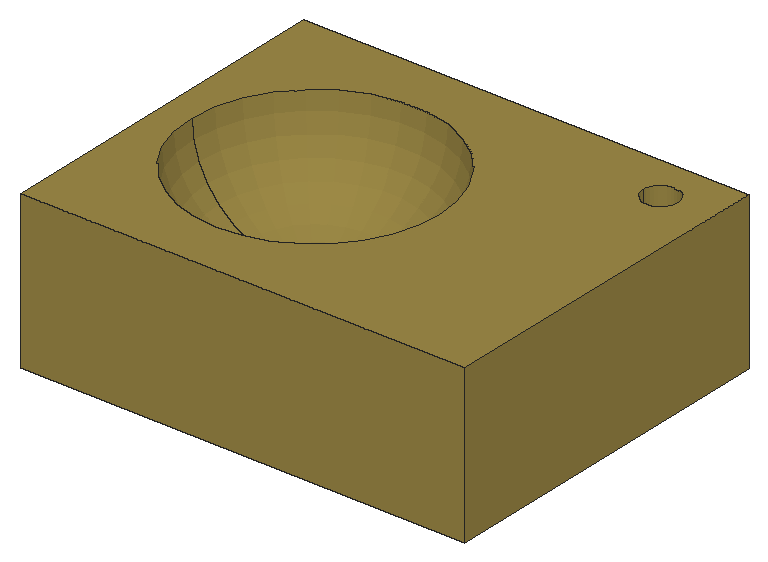
Revit family "Lavatory-Vessel_Transitional_LT163_TOTO", category Plumbing Fixtures, Revit 2013
Parameters (values of type "LT163")
  ecoScorecard_data = "http://toto.ecoscorecard.com/product/LT163"
  ecoScorecard Product Page = "http://toto.ecoscorecard.com/product/LT163"
  Width = 17 3/4"
  Waste Connection NPT Radius = 5/8"
  Waste Connection = yes
  Warranty URL = "http://www.totousa.com/warranty-registration"
  Warranty = "One Year Limited Warranty"  # constant formula
  WFU = 0
  URL = "http://www.totousa.com"
  Toto BIM Number = "BM-00025"  # constant formula
  Subcategory = "Lavatories"  # constant formula
  Style = "Transitional"  # constant formula
  Spec Sheet URL = "http://assets.totousa.com/product-files/SS-00414_LT163.pdf"
  Sink Type = "Lavatory"  # constant formula
  Sink Configuration = "Single Sink"  # constant formula
  Shipping Weight = 39.00 lbf
  Series = "Waza"  # constant formula
  SanoGloss Available = no
  Sanitary Connetor = "Sanitary Connection"  # constant formula
  Product Page URL = " "
  Parts Manual URL = " "
  Mounting = "Vessel"  # constant formula
  Model = "LT163"
  Material = "Fired Clay"  # constant formula
  Manufacturer Toll Free Phone = "1-888-295-8134"  # constant formula
  Manufacturer Phone = "(770) 282-8686"  # constant formula
  Manufacturer Fax = "(770) 282-0002"  # constant formula
  Manufacturer Email = "mailto:custservice@totousa.com"
  Manufacturer Address = "1155 Southern Road, Morrow, Georgia 30260"  # constant formula
  Manufacturer = "TOTO USA, Inc."  # constant formula
  Installation URL = " "
  Industry Standards = "Meets and exceeds ASME A112.19.2/CSA B45.1"  # constant formula
  Hot Water Connector = "Hot Water Connection"  # constant formula
  Hot Water Connection Radius = 3/16"
  Hot Water Connection Diameter = Hot Water Connection Radius * 2  # 3/8"
  Height = 6 1/4"
  HWFU = 0
  HW Connection = yes
  Finish = Fired Clay - TOTO - 72 Burnished Gold
  Description = "Vessel Lavatory"
  Depth = 14 1/8"
  Cost Info = "mailto:custservice@totousa.com"
  Color Availability = "#72 Burnished Gold, #73 Autumnal Red"  # constant formula
  Cold Water Connector = "Cold Water Connection"  # constant formula
  Cold Water Connection Radius = 3/16"
  Cold Water Connection Diameter = Cold Water Connection Radius * 2  # 3/8"
  Code Compliance = "UPC, IPC, NSPC, NPC Canada, and others"  # constant formula
  Certifications = "IAPMO(cUPC), State of Massachusetts , City of Los Angeles, and others"  # constant formula
  CWFU = 0
  CW Connection = yes
  CAD Drawing URL = "http://assets.totousa.com/product-files/AD-00284_LT163.dxf"
  Basin Diameter = 9 7/8"
  Assembly Code = "D2010310"
  ADA Compliant = no
  95 CSI = "15410"  # constant formula
  04 CSI = "22 42 16"  # constant formula
Reference planes (in)
  plane 1 "Center (Front/Back)": y = 0
  plane 2: z = 0
  plane 3 "Center (Left/Right)": x = 0
  plane 4 "Back": y = 7.0625
  plane 5 "Front": y = -7.0625
  plane 6: x = -8.875
  plane 7: x = 8.875
  plane 8: z = 0
  plane 9: z = 6.25
  plane 10: y = 11.0625
Dimensions and locks (in)
  "Depth": plane 5 "Front" to plane 4 "Back"
  equal spacing: plane 5 "Front", plane 1 "Center (Front/Back)", plane 4 "Back"
  equal spacing: plane 6, plane 3 "Center (Left/Right)", plane 7
  "Width": plane 6 to plane 7
  plane 8 to plane 2 = 0"
  "Height": plane 9 to plane 8
  aligned and locked: level to plane 2
  aligned and locked: plane 1 "Center (Front/Back)" to nested 1
  aligned and locked: plane 3 "Center (Left/Right)" to nested 1
  aligned and locked: plane 10 to nested 1
Nested families (in)
  nested 1: "LT163" at (0, 0, 0), type "LT163"
Connectors (in)
  piping at (-2.75, 11.3125, -7.75), driven by "Waste Connection NPT Radius", driven by "WFU", driven by "Waste Connection", driven by "Waste Connection", driven by "Sanitary Connetor"
    settings: on nested 1, index 1, connector radius 5/8", flow factor 0, pipe flow 0 GPM, pressure drop 0.00 psi, fitting loss kfactor 0, connector angle 0.00°, fixture units 0, engagement length 0", flow configuration 3, flow direction 2, fitting loss method 0, system type 16, joint type 0, gender type 0, connector reference index -1, connector utility 1, adjustable connector yes, is connector primary yes, fitting loss table "", connector description "Sanitary Connection"
  piping at (-6.75, 11.3125, -6.125), driven by "HWFU", driven by "HW Connection", driven by "HW Connection", driven by "Hot Water Connector", driven by "Hot Water Connection Radius"
    settings: on nested 1, index 2, connector radius 3/16", flow factor 0, pipe flow 0 GPM, pressure drop 0.00 psi, fitting loss kfactor 0, connector angle 0.00°, fixture units 0, engagement length 0", flow configuration 3, flow direction 1, fitting loss method 0, system type 19, joint type 0, gender type 0, connector reference index -1, connector utility 1, adjustable connector yes, is connector primary no, fitting loss table "", connector description "Hot Water Connection"
  piping at (1.25, 11.3125, -6.125), driven by "CWFU", driven by "Cold Water Connection Radius", driven by "CW Connection", driven by "CW Connection", driven by "Cold Water Connector"
    settings: on nested 1, index 3, connector radius 3/16", flow factor 0, pipe flow 0 GPM, pressure drop 0.00 psi, fitting loss kfactor 0, connector angle 0.00°, fixture units 0, engagement length 0", flow configuration 3, flow direction 1, fitting loss method 0, system type 20, joint type 0, gender type 0, connector reference index -1, connector utility 1, adjustable connector yes, is connector primary no, fitting loss table "", connector description "Cold Water Connection"
Definition of nested family "LT163"
  Parameters (values of type "LT163")
    Width = 17 3/4"  # constant formula
    Waste Connector Radius = 5/8"
    Waste Connection = yes
    WFU = 0
    Vent Connection = yes
    URL = ""
    Toto BIM Number = ""
    Series = ""
    Model = ""
    Manufacturer = ""
    Height = 6 1/4"  # constant formula
    HWFU = 0
    HW Connection = yes
    Lavatory Material = Fired Clay - TOTO - 72 Burnished Gold
    Description = ""
    Depth = 14 1/8"  # constant formula
    CWFU = 0
    CW Connection = yes
    Assembly Code = ""
  Reference planes (in)
    plane 1 "Center (Front/Back)": y = 0
    plane 2: z = 0
    plane 3 "Center (Left/Right)": x = 0
    plane 4: y = 7.0625
    plane 5: y = -7.0625
    plane 6: x = 8.875
    plane 7: x = -8.875
    plane 8: z = 6.25
    plane 9: x = -2.75
    plane 10: z = -6.125
    plane 11: x = 1.25
    plane 12: x = -6.75
    plane 13: z = -7.75
    plane 14: y = 5.24953
    plane 15: x = 6.81679
    plane 16 "Wall Closure": y = 11.0625
  Forms (in)
    Extrusion 1, solid, material "Fired Clay - TOTO - 72 Burnished Gold" <- "Lavatory Material", detail levels fine
      sketch origin (0, 0, 0) x (1, 0, 0) y (0, 1, 0)
        loop
          line (-8.875, 7.0625) -> (-8.875, -7.0625) -> (8.875, -7.0625) -> (8.875, 7.0625) -> (-8.875, 7.0625)
      from 0 to 6.25
    Revolve 2, void
      sketch origin (0, 0, 0) x (1, 0, 0) y (0, 0, 1)
        loop
          line (-2.75, 6.25) -> (-7.6875, 6.25)
          arc (-7.6875, 6.25) -> (-6.61614, 3.55016) -> (-3.98507, 2.31952) r 3.9375
          arc (-3.98507, 2.31952) -> (-3.81802, 2.24139) -> (-3.75, 2.06997) r 0.25
          line (-3.75, 2.06997) -> (-3.75, 0) -> (-2.75, 0) -> (-2.75, 6.25)
        axis (-2.75, 6.25) -> (-2.75, 0)
      angle from 0 to 360
    Extrusion 3, void
      sketch origin (0, 0, 0) x (1, 0, 0) y (0, 1, 0)
        loop
          circle (6.81679, 5.24953) r 0.6875
      from 5.06635 to 6.25
    Extrusion 4, solid, material "Fired Clay - TOTO - 72 Burnished Gold" <- "Lavatory Material"
      sketch origin (0, 0, 0) x (1, 0, 0) y (0, 0, 1)
        loop
          circle (-2.75, -7.75) r 0.625
      from -11.3125 to -11.0625
    Extrusion 5, solid, material "Fired Clay - TOTO - 72 Burnished Gold" <- "Lavatory Material"
      sketch origin (0, 0, 0) x (1, 0, 0) y (0, 0, 1)
        loop
          circle (1.25, -6.125) r 0.1875
      from -11.3125 to -11.0625
    Extrusion 6, solid, material "Fired Clay - TOTO - 72 Burnished Gold" <- "Lavatory Material"
      sketch origin (0, 0, 0) x (1, 0, 0) y (0, 0, 1)
        loop
          circle (-6.75, -6.125) r 0.1875
      from -11.3125 to -11.0625
    Extrusion 7, solid, material "Fired Clay - TOTO - 72 Burnished Gold" <- "Lavatory Material", detail levels coarse
      sketch origin (0, 0, 0) x (1, 0, 0) y (0, 1, 0)
        loop
          line (-8.875, 7.0625) -> (-8.875, -7.0625) -> (8.875, -7.0625) -> (8.875, 7.0625) -> (-8.875, 7.0625)
      from 0 to 6.25
    Extrusion 8, solid, material "Fired Clay - TOTO - 72 Burnished Gold" <- "Lavatory Material", detail levels medium
      sketch origin (0, 0, 0) x (1, 0, 0) y (0, 1, 0)
        loop
          line (-8.875, 7.0625) -> (-8.875, -7.0625) -> (8.875, -7.0625) -> (8.875, 7.0625) -> (-8.875, 7.0625)
      from 0 to 6.25
    Revolve 9, void
      sketch origin (0, 0, 0) x (1, 0, 0) y (0, 0, 1)
        loop
          line (-2.75, 6.25) -> (-7.6875, 6.25)
          arc (-7.6875, 6.25) -> (-6.15483, 3.1322) -> (-2.75, 2.4416) r 3.9375
          line (-2.75, 2.4416) -> (-2.75, 6.25)
        axis (-2.75, 6.25) -> (-2.75, 2.4416)
      angle from 0 to 360
  Cuts and joins
    Revolve 2, Extrusion 3, Revolve 9 cuts Extrusion 1
    Revolve 9 cuts Extrusion 8
  Lines and regions (in)
    symbolic lines
      curve 1: line (8.875, 7.0625, 0) -> (-8.875, 7.0625, 0)
      curve 2: line (-8.875, 7.0625, 0) -> (-8.875, -7.0625, 0)
      curve 3: line (-8.875, -7.0625, 0) -> (8.875, -7.0625, 0)
      curve 4: line (8.875, -7.0625, 0) -> (8.875, 7.0625, 0)
      curve 8: line (-6.5625, 11.3125, 0) -> (-6.9375, 11.3125, 0)
      curve 9: line (-6.9375, 11.3125, 0) -> (-6.9375, 11.0625, 0)
      curve 10: line (-6.9375, 11.0625, 0) -> (-6.5625, 11.0625, 0)
      curve 11: line (-6.5625, 11.0625, 0) -> (-6.5625, 11.3125, 0)
      curve 12: line (-2.125, 11.3125, 0) -> (-3.375, 11.3125, 0)
      curve 13: line (-3.375, 11.3125, 0) -> (-3.375, 11.0625, 0)
      curve 14: line (-3.375, 11.0625, 0) -> (-2.125, 11.0625, 0)
      curve 15: line (-2.125, 11.0625, 0) -> (-2.125, 11.3125, 0)
      curve 16: line (1.4375, 11.3125, 0) -> (1.0625, 11.3125, 0)
      curve 17: line (1.0625, 11.3125, 0) -> (1.0625, 11.0625, 0)
      curve 18: line (1.0625, 11.0625, 0) -> (1.4375, 11.0625, 0)
      curve 19: line (1.4375, 11.0625, 0) -> (1.4375, 11.3125, 0)
      curve 20: line (8.875, 0, 0) -> (8.875, 0, 6.25)
      curve 21: line (8.875, 0, 6.25) -> (-8.875, 0, 6.25)
      curve 22: line (-8.875, 0, 6.25) -> (-8.875, 0, 0)
      curve 23: line (-8.875, 0, 0) -> (8.875, 0, 0)
      curve 24: arc (-6.9375, 0, -6.125) -> (-6.75, 0, -6.3125) -> (-6.5625, 0, -6.125) r 0.1875
      curve 25: arc (-6.5625, 0, -6.125) -> (-6.75, 0, -5.9375) -> (-6.9375, 0, -6.125) r 0.1875
      curve 26: arc (1.0625, 0, -6.125) -> (1.25, 0, -6.3125) -> (1.4375, 0, -6.125) r 0.1875
      curve 27: arc (1.4375, 0, -6.125) -> (1.25, 0, -5.9375) -> (1.0625, 0, -6.125) r 0.1875
      curve 28: circle (-2.75, 0, -7.75) r 0.625 normal (0, -1, 0)
      curve 29: line (0, 7.0625, 0) -> (0, -7.0625, 0)
      curve 30: line (0, -7.0625, 0) -> (0, -7.0625, 6.25)
      curve 31: line (0, -7.0625, 6.25) -> (0, 7.0625, 6.25)
      curve 32: line (0, 7.0625, 6.25) -> (0, 7.0625, 0)
      curve 33: line (0, 11.3125, -6.3125) -> (0, 11.0625, -6.3125)
      curve 34: line (0, 11.3125, -5.9375) -> (0, 11.3125, -6.3125)
      curve 35: line (0, 11.0625, -5.9375) -> (0, 11.3125, -5.9375)
      curve 36: line (0, 11.0625, -6.3125) -> (0, 11.0625, -5.9375)
      curve 37: line (0, 11.3125, -7.125) -> (0, 11.0625, -7.125)
      curve 38: line (0, 11.3125, -8.375) -> (0, 11.3125, -7.125)
      curve 39: line (0, 11.0625, -8.375) -> (0, 11.3125, -8.375)
      curve 40: line (0, 11.0625, -7.125) -> (0, 11.0625, -8.375)
    symbolic lines, detail levels medium+fine
      curve 5: circle (-2.75, 0, 0) r 4.9375 normal (0, 0, -1)
    symbolic lines, detail levels fine
      curve 6: circle (6.81679, 5.24953, 0) r 0.6875 normal (0, 0, 1)
      curve 7: circle (-2.75, 0, 0) r 1 normal (0, 0, -1)
  Dimensions and locks (in)
    locked: Revolve 2 sketch curve to plane 9 at 4.9375
    locked: Revolve 2 sketch curve to plane 9 at 1.23507
    locked: Revolve 2 sketch curve to plane 9 at 1
    plane 4 to plane 14 to plane 1 "Center (Front/Back)" = 1.81297", 5.24953"
    plane 6 to plane 15 to plane 11 = 2.05821", 5.56679"
    locked: plane 15 to Extrusion 3 sketch curve at 0
    locked: plane 14 to Extrusion 3 sketch curve at 0
    locked: plane 8 to cut or joined group of Extrusion 1, Revolve 2, Extrusion 3, Revolve 9 at 1.18365
    locked: plane 9 to Extrusion 4 sketch curve at 0
    locked: plane 13 to Extrusion 4 sketch curve at 0
    locked: plane 11 to Extrusion 5 sketch curve at 0
    locked: plane 10 to Extrusion 5 sketch curve at 0.1875
    locked: plane 12 to Extrusion 6 sketch curve at 0
    locked: plane 10 to Extrusion 6 sketch curve at 0
    "Height": plane 8 to plane 2
    "Width": plane 7 to plane 6
    "Depth": plane 5 to plane 4
    equal spacing: plane 5, plane 1 "Center (Front/Back)", plane 4
    equal spacing: plane 7, plane 3 "Center (Left/Right)", plane 6
    locked: plane 2 to plane 10 at 6.125
    locked: plane 2 to plane 13 at 7.75
    locked: plane 12 to plane 9 at 4
    locked: plane 9 to plane 11 at 4
    locked: plane 9 to plane 3 "Center (Left/Right)" at 2.75
    locked: plane 1 "Center (Front/Back)" to plane 14 at 5.24953
    locked: plane 16 "Wall Closure" to Extrusion 4 at 0.25
    locked: plane 16 "Wall Closure" to Extrusion 5 at 0.25  (x2)
    plane 4 to plane 16 "Wall Closure" = 4"
    "Waste Connector Radius": radius of Extrusion 4 sketch curve
    locked: Extrusion 5 sketch curve to Extrusion 5 sketch curve (radius 3/16")
    locked: Extrusion 6 sketch curve to Extrusion 6 sketch curve (radius 3/16")
    radius of curve 28 = 5/8"
    aligned and locked: Extrusion 1 sketch curve to plane 4
    aligned and locked: Extrusion 1 sketch curve to plane 6
    aligned and locked: plane 5 to Extrusion 1 sketch curve
    aligned and locked: plane 7 to Extrusion 1 sketch curve
    aligned and locked: Extrusion 1 to plane 8
    aligned: Extrusion 4 to plane 4
    aligned: Extrusion 5 to plane 4
    aligned: Extrusion 6 to plane 4
    aligned and locked: Revolve 2 sketch curve to plane 8
    aligned and locked: plane 2 to Revolve 2 sketch curve
    aligned and locked: cut or joined group of Extrusion 1, Revolve 2, Extrusion 3, Revolve 9 to plane 8
    aligned and locked: Extrusion 1 to Extrusion 3
    aligned and locked: plane 16 "Wall Closure" to Extrusion 4
    aligned and locked: Extrusion 5 to Extrusion 4
    aligned and locked: Extrusion 6 to Extrusion 4
    aligned and locked: Extrusion 4 to Extrusion 6
  Automatic sketch dimensions
    plane 9 to Revolve 2 sketch curve = 0"  (x2)
    Revolve 2 sketch curve to Revolve 2 sketch curve = 0.01493"
    Revolve 2 sketch curve to Revolve 2 sketch curve = 0"
    Revolve 2 sketch curve to level = 2 1/2"
    Revolve 2 sketch curve to Revolve 2 sketch curve = 1"
    plane 5 to Extrusion 7 sketch curve = 0"
    Extrusion 7 sketch curve to plane 7 = 0"
    plane 4 to Extrusion 7 sketch curve = 0"
    Extrusion 7 sketch curve to plane 6 = 0"
    plane 5 to Extrusion 8 sketch curve = 0"
    Extrusion 8 sketch curve to plane 7 = 0"
    plane 4 to Extrusion 8 sketch curve = 0"
    Extrusion 8 sketch curve to plane 6 = 0"
    Revolve 9 sketch curve to plane 8 = 0"
    plane 9 to Revolve 9 sketch curve = 0"  (x2)
    plane 9 to Revolve 9 sketch curve = 1"
    plane 12 to Revolve 9 sketch curve = 15/16"
    Revolve 9 sketch curve to level = 2 1/2"
    Revolve 9 sketch curve to Revolve 9 sketch curve = 2.1916"
    curve 5 to curve 7 = 0"  (x2)
    plane 4 to curve 1 = 0"
    curve 1 to plane 7 = 0"
    plane 1 "Center (Front/Back)" to curve 7 = 0"
    curve 7 to plane 9 = 0"
    curve 6 to plane 15 = 0"
    plane 5 to curve 3 = 0"
    curve 3 to plane 6 = 0"
    plane 14 to curve 6 = 0"
    plane 16 "Wall Closure" to curve 10 = 0"
    plane 12 to curve 10 = 3/16"
    curve 11 to plane 12 = 3/16"
    curve 9 to plane 16 "Wall Closure" = 1/4"
    plane 16 "Wall Closure" to curve 13 = 0"
    curve 12 to plane 16 "Wall Closure" = 1/4"
    plane 9 to curve 12 = 5/8"
    curve 12 to plane 9 = 5/8"
    plane 16 "Wall Closure" to curve 17 = 0"
    plane 11 to curve 17 = 3/16"
    curve 16 to plane 11 = 3/16"
    curve 16 to plane 16 "Wall Closure" = 1/4"
    curve 22 to level = 0"
    plane 7 to curve 22 = 0"
    plane 6 to curve 21 = 0"
    curve 22 to plane 8 = 0"
    curve 25 to plane 10 = 0"
    plane 12 to curve 25 = 0"
    curve 25 to curve 24 = 3/16"
    curve 27 to plane 10 = 0"
    plane 11 to curve 27 = 0"
    curve 27 to curve 26 = 3/16"
    plane 9 to curve 28 = 0"
    curve 28 to plane 13 = 0"
    curve 29 to level = 0"
    curve 29 to plane 5 = 0"
    curve 31 to plane 4 = 0"
    curve 40 to plane 16 "Wall Closure" = 0"
    curve 33 to plane 16 "Wall Closure" = 0"
    plane 8 to curve 30 = 0"
    curve 37 to plane 16 "Wall Closure" = 1/4"
    curve 34 to plane 16 "Wall Closure" = 1/4"
    curve 36 to plane 10 = 3/16"
    plane 10 to curve 33 = 3/16"
    curve 37 to plane 13 = 5/8"
    plane 13 to curve 40 = 5/8"
    radius of Extrusion 3 sketch curve = 11/16"
    radius of curve 5 = 4 15/16"
    radius of curve 7 = 1"
    radius of curve 6 = 11/16"
